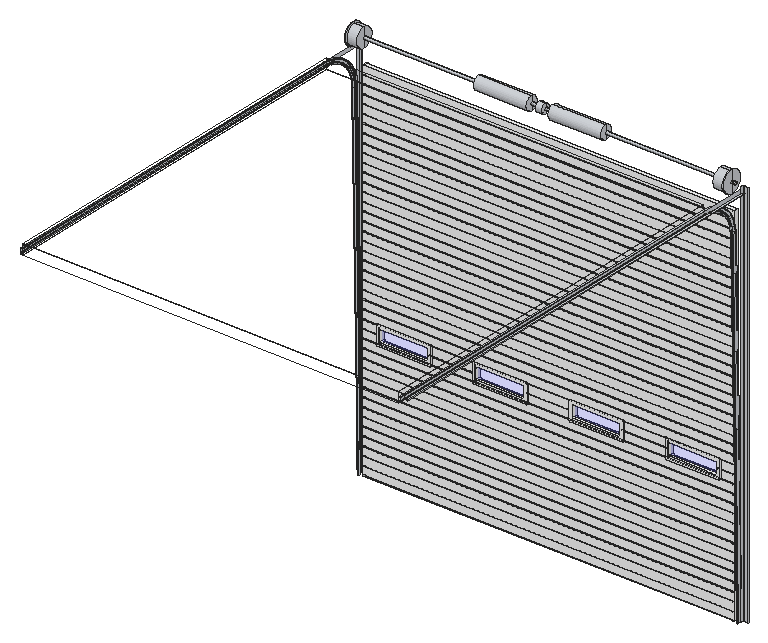
Revit family
Parameters (values of type "By Type")
  Windload = "Doors available rated for various design pressures; consult Clopay for avaialbility and specifications"
  VisSection6 = NumSections = 6  # no
  VisSection5 = NumSections > 4  # yes
  VisSection4 = NumSections > 3  # yes
  VisSection3 = NumSections > 2  # yes
  VisArray = NumSections > 6  # yes
  URL = "www.clopaydoor.com"
  Track Type = Track - Standard Lift : 15" Radius
  Track = "Galvanized steel (gauge varies according to door size)"
  Thickness = 0' - 2"  # constant formula
  Spec Wizard = "http://www.arcat.com/specwizard/08360clo/index.htm"
  Section Height = Height / NumSections  # 2' - 0"
  Section 5 Glazing = Section : Solid
  Section 4 Glazing = Section : Solid
  Section 3 Glazing = Section : Windows - 24x8
  Sales Information = "http://www.clopaydoor.com/where-to-buy.aspx?type=dealer"
  Rough Width = 0' - 0"  # constant formula
  Rough Height = 0' - 0"  # constant formula
  Roof Pitch = 0
  R-Value = "22.2"
  Product Features and Benefits = "http://www.clopaydoor.com/insulated-polyurethane-applications.aspx"
  Overlapping Jamb = yes
  Overlap = if(Overlapping Jamb, 0' 1", 0' 0")  # 0' - 1"
  Opening Width = 14' - 0"
  Opening Height = 14' - 0"
  Opener - Jackshaft Right Side = no
  Opener - Trolley = no
  Opener - Jackshaft Left Side = no
  Omniclass Table = "23-30 10 17 37 "
  NumSectionsNotRounded = Height / 2' 0"  # 7
  NumSections = NumSectionsNotRounded + 0.4999  # 7
  NumArraySections = if(NumSections > 6, NumSections - 5, 2)  # 2
  Model = "3720"
  Maximum Size = "Maximum 14' 2'' wide by 26' 0'' high. Additional limitations may apply do to door weight. Consult Clopay for specificiations and shop drawings."  # constant formula
  Manufacturer Website = "http://www.clopaydoor.com"
  Manufacturer Phone Number = "1-800-526-4301"
  Manufacturer Address = "1400 W. Market St., Troy, OH 45373"
  Manufacturer = "Clopay Building Products Company"
  LEED = "http://products.construction.com/swts_content_files/151607/303186.pdf"
  Keynote = "08 36 13"
  Interior Steel = "28 ga. galvanized, primed, and finish painted"
  High Lift = 4' - 0"
  Hardware = "14 ga. min. steel hinges; 10-ball steel rollers"
  GreenFormat = "http://www.greenformat.com/products/1536-Polyurethane%20Insulated%20Doors.rtf"
  Function = (empty or 0)
  Height = Opening Height + Rough Width * 0  # 14' - 0"
  Wall Closure = (empty or 0)
  Width = Opening Width + Rough Width * 0  # 14' - 0"
  FloorToSection7 = 6 * Section Height  # 12' - 0"
  FloorToSection6 = 5 * Section Height  # 10' - 0"
  FloorToSection5 = 4 * Section Height  # 8' - 0"
  FloorToSection4 = 3 * Section Height  # 6' - 0"
  FloorToSection3 = 2 * Section Height  # 4' - 0"
  FloorToSection2 = Section Height  # 2' - 0"
  File Revision = "01 (August, 2010)"
  Exterior Steel = "27 ga. galvanized, primed, and finish painted"
  Double Torsion Shaft = no
  Double End Stiles = Door Width > 14' 2"  # no
  Door Width = Opening Width + Overlap * 2  # 14' - 2"
  Door Height = Opening Height + Rough Width * 0  # 14' - 0"
  Description = "2'' thick polyurethane insulated, stucco embossed 27 gauge steel exterior with light ribbed pattern."
  Core Material = "Expanded polyurethane"
  Copyright = "2010, Clopay Building Products Company, Inc."
  Color = White
  CAD and Specifications = "http://www.clopaydoor.com/insulated-polyurethane-specs.aspx"
  Assembly Code = "B2030410"
Reference planes (in)
  plane 1 "Center (Front/Back)": y = 0
  plane 2 "Center (Left/Right)": x = 0
  plane 3 "Left": x = -84
  plane 4 "Right": x = 84
  plane 5 "Top": z = 168
  plane 6 "Exterior": y = 3
  plane 7 "Interior": y = -3
  plane 8: z = 120
  plane 9: z = 144
Lines and regions (in)
  Opening 1
    outline origin (-90, -3, 0) x (1, 0, 0) y (0, 0, 1)
      loop
        line (6, 0) -> (174, 0) -> (174, 168) -> (6, 168) -> (6, 0)
Text (in)
  text "Exterior" at (-74.96733, 27.31104, 0), in view "Ref. Level"
  text "Interior" at (-74.96733, -25.14366, 0), in view "Ref. Level"
  text "Exterior" at (0, 40.15149, 123.01588), in view "Right"
  text "Interior" at (0, -64.39139, 123.01588), in view "Right"
  text "Interior" at (0, -31.01599, 123.00693), in view "Left"
  text "Exterior" at (0, 54.57065, 123.00693), in view "Left"
Dimensions and locks (in)
  equal spacing: plane 3 "Left", plane 2 "Center (Left/Right)", plane 4 "Right"
  "Height": level to plane 5 "Top"
  "Width": plane 3 "Left" to plane 4 "Right"
  host wall to plane 5 "Top" = 14' - 0"
  nested 1 to plane 7 "Interior" = 0' - 0 1/2"
  "FloorToSection6": plane 8 to level
  "FloorToSection7": plane 9 to level
  group 1 to group 2 = 0' - 0"  (x2)
  group 1 to group 2 = 2' - 0"
  host wall to host wall = 67' - 6"
  aligned and locked: plane 3 "Left" to Opening 1 sketch curve
  aligned and locked: plane 5 "Top" to Opening 1 sketch curve
  aligned and locked: Opening 1 sketch curve to plane 5 "Top"
  aligned and locked: Opening 1 sketch curve to plane 4 "Right"
  aligned and locked: Opening 1 sketch curve to level
  aligned and locked: plane 6 "Exterior" to host wall
  aligned and locked: host wall to plane 7 "Interior"
  aligned and locked: plane 2 "Center (Left/Right)" to nested 2
  aligned and locked: plane 2 "Center (Left/Right)" to nested 3
  aligned and locked: plane 2 "Center (Left/Right)" to nested 4
  aligned and locked: plane 2 "Center (Left/Right)" to nested 5
  aligned and locked: plane 2 "Center (Left/Right)" to nested 7
  aligned and locked: nested 7 to plane 8
  aligned and locked: nested 8 to plane 9
  aligned and locked: plane 7 "Interior" to nested 2
  aligned and locked: plane 7 "Interior" to nested 7
  aligned and locked: host wall to nested 8
  aligned and locked: plane 7 "Interior" to nested 3
  aligned and locked: host wall to nested 3
  aligned and locked: plane 7 "Interior" to nested 1
  aligned and locked: nested 2 to host wall
  aligned and locked: plane 7 "Interior" to nested 6
  aligned and locked: plane 7 "Interior" to nested 5
  aligned and locked: host wall to nested 7
  aligned and locked: plane 7 "Interior" to nested 4
  aligned and locked: nested 11 to plane 2 "Center (Left/Right)"
Nested families (in)
  nested 1: "Section" at (0, 0, 0), type "Solid"
    with X9 0' - 7 1/2", X8 0' - 7 1/2", X7 0' - 7 1/2", X6 0' - 7 1/2", X5 0' - 7 1/2", X4 11' - 7 1/2", X3 7' - 11 1/2", X2 4' - 3 1/2", NumWindows 4, NumArrayedWindows 4, Half Door Width Neg -7' - 1", Half Door Width 7' - 1", X1 0' - 7 1/2", Door Width 14' - 2"
  nested 2: "Section" at (0, 0, 24), built-in parameter 1001364 <- "Section Height", type "Solid"
    with X9 0' - 7 1/2", X8 0' - 7 1/2", X7 0' - 7 1/2", X6 0' - 7 1/2", X5 0' - 7 1/2", X4 11' - 7 1/2", X3 7' - 11 1/2", X2 4' - 3 1/2", NumWindows 4, NumArrayedWindows 4, Half Door Width Neg -7' - 1", Half Door Width 7' - 1", X1 0' - 7 1/2", Door Width 14' - 2"
  nested 3: "Section" at (0, 0, 48), type <- "Section 3 Glazing", built-in parameter 1001364 <- "FloorToSection3", visible <- "VisSection3", type "Windows - 24x8"
    with X9 0' - 7 1/2", X8 0' - 7 1/2", X7 0' - 7 1/2", X6 0' - 7 1/2", X5 0' - 7 1/2", X4 11' - 7 1/2", X3 7' - 11 1/2", X2 4' - 3 1/2", NumWindows 4, NumArrayedWindows 4, Half Door Width Neg -7' - 1", Half Door Width 7' - 1", X1 0' - 7 1/2", Door Width 14' - 2"
  nested 4: "Section" at (0, 0, 120), built-in parameter 1001364 <- "FloorToSection6", visible <- "VisSection6", type "Solid"
    with X9 0' - 7 1/2", X8 0' - 7 1/2", X7 0' - 7 1/2", X6 0' - 7 1/2", X5 0' - 7 1/2", X4 11' - 7 1/2", X3 7' - 11 1/2", X2 4' - 3 1/2", NumWindows 4, NumArrayedWindows 4, Half Door Width Neg -7' - 1", Half Door Width 7' - 1", X1 0' - 7 1/2", Door Width 14' - 2"
  nested 5: "Section" at (0, 0, 96), built-in parameter 1001364 <- "FloorToSection5", type <- "Section 5 Glazing", visible <- "VisSection5", type "Solid"
    with X9 0' - 7 1/2", X8 0' - 7 1/2", X7 0' - 7 1/2", X6 0' - 7 1/2", X5 0' - 7 1/2", X4 11' - 7 1/2", X3 7' - 11 1/2", X2 4' - 3 1/2", NumWindows 4, NumArrayedWindows 4, Half Door Width Neg -7' - 1", Half Door Width 7' - 1", X1 0' - 7 1/2", Door Width 14' - 2"
  nested 6: "Section" at (0, 0, 72), type <- "Section 4 Glazing", built-in parameter 1001364 <- "FloorToSection4", visible <- "VisSection4", type "Solid"
    with X9 0' - 7 1/2", X8 0' - 7 1/2", X7 0' - 7 1/2", X6 0' - 7 1/2", X5 0' - 7 1/2", X4 11' - 7 1/2", X3 7' - 11 1/2", X2 4' - 3 1/2", NumWindows 4, NumArrayedWindows 4, Half Door Width Neg -7' - 1", Half Door Width 7' - 1", X1 0' - 7 1/2", Door Width 14' - 2"
  nested 7: "Section" at (0, 0, 120), visible <- "VisArray", type "Solid"
    with X9 0' - 7 1/2", X8 0' - 7 1/2", X7 0' - 7 1/2", X6 0' - 7 1/2", X5 0' - 7 1/2", X4 11' - 7 1/2", X3 7' - 11 1/2", X2 4' - 3 1/2", NumWindows 4, NumArrayedWindows 4, Half Door Width Neg -7' - 1", Half Door Width 7' - 1", X1 0' - 7 1/2", Door Width 14' - 2"
  nested 8: "Section" at (0, 0, 144), visible <- "VisArray", type "Solid"
    with X9 0' - 7 1/2", X8 0' - 7 1/2", X7 0' - 7 1/2", X6 0' - 7 1/2", X5 0' - 7 1/2", X4 11' - 7 1/2", X3 7' - 11 1/2", X2 4' - 3 1/2", NumWindows 4, NumArrayedWindows 4, Half Door Width Neg -7' - 1", Half Door Width 7' - 1", X1 0' - 7 1/2", Door Width 14' - 2"
  nested 9: "Section" at (0, 4.67704, 636.93806), type "Windows - 24x8", not visible
    with X9 0' - 7 1/2", X8 0' - 7 1/2", X7 0' - 7 1/2", X6 0' - 7 1/2", X5 0' - 7 1/2", X4 11' - 7 1/2", X3 7' - 11 1/2", X2 4' - 3 1/2", NumWindows 4, NumArrayedWindows 4, Half Door Width Neg -7' - 1", Half Door Width 7' - 1", X1 0' - 7 1/2", Door Width 14' - 2"
  nested 10: "Section" at (0, 4.63986, 609.3176), type "Windows - 24x12", not visible
  nested 11: "Track - Standard Lift" at (0, 0, 0) x (-1, 0, 0) z (0, 0, 1), type <- "Track Type", type "15" Radius"
    with WallToRadiusCenter 1' - 9.33333", VerticalAngleLength 14' - 10", Vertical Track Length 13' - 4", TrackToTrack 14' - 4", Roof Pitch Deg 0.00°, Roof Pitch 0, HorizontalAngleLength -16' - 2.33333", Horizontal Track Length 14' - 6", FloorToTrolleyRail 15' - 8", FloorToShaftCL 15' - 2", FloorToJackShaft 15' - 5", Double Torsion Shaft no, Door Width 14' - 2", Door Height 14' - 0", CenterToLHTrack 7' - 2", HorizontalTrackAngle 90.00°, CenterToRHTrack -7' - 2", CenterToJackShaft 7' - 6"
Definition of nested family "Section"
  Parameters (values of type "Windows - 24x12")
    X9 = if(if(NumArrayedWindows < NumWindows, NumArrayedWindows + 1, NumWindows) < 9, X1, X8 + WindowSpacing)  # 0' - 7 1/2"
    X8 = if(if(NumArrayedWindows < NumWindows, NumArrayedWindows + 1, NumWindows) < 8, X1, X7 + WindowSpacing)  # 0' - 7 1/2"
    X7 = if(if(NumArrayedWindows < NumWindows, NumArrayedWindows + 1, NumWindows) < 7, X1, X6 + WindowSpacing)  # 0' - 7 1/2"
    X6 = if(if(NumArrayedWindows < NumWindows, NumArrayedWindows + 1, NumWindows) < 6, X1, X5 + WindowSpacing)  # 0' - 7 1/2"
    X5 = if(if(NumArrayedWindows < NumWindows, NumArrayedWindows + 1, NumWindows) < 5, X1, X4 + WindowSpacing)  # 0' - 7 1/2"
    X4 = if(if(NumArrayedWindows < NumWindows, NumArrayedWindows + 1, NumWindows) < 4, X1, X3 + WindowSpacing)  # 11' - 7 1/2"
    X3 = if(or(NumWindows < 3, SingleWindowVis), X1, X2 + WindowSpacing)  # 7' - 11 1/2"
    X2 = if(NumWindows < 2, ((Door Width - (NumWindows - 1) * WindowSpacing) / 2 - Cutout Width / 2), ((Door Width - (NumWindows - 1) * WindowSpacing) / 2 - Cutout Width / 2) + WindowSpacing)  # 4' - 3 1/2"
    Windows (2) = 3200 Window : 24x12
    Windows = 3200 Window Array : 24x12
    WindowSpacing = if(and(Door Width < 10' 0", Door Width > 9' 2"), 3' 4", 3' 8")  # 3' - 8"
    WindowArrayVis = and(or(and(Window Type Index = 4, Door Width > 7' 6", Door Width < 16' 3"), Window Type Index = 3, Window Type Index = 2), not(SingleWindowVis))  # yes
    WindowCutDepth = if(or(Window Type Index = 1, and(Door Width < 7' 8", Window Type Index = 4), and(Window Type Index = 4, Door Width > 16' 2")), -0' 0 13/128", 0' 2")  # 0' - 2"
    Window Type Index = 3
    SingleWindowVis = and(X2 = X1, NumWindows = 3, Window Type Index = 4)  # no
    Section Height = 2' - 0"
    RibSpacing = Section Height / (NumRibs + 1)  # 0' - 4"
    NumWindows = if(Door Width < 9' 4", 2, if(Door Width < 13' 4", 3, if(Door Width < 16' 4", 4, if(Door Width < 20' 4", 5, if(Door Width < 24' 4", 6, if(Door Width < 26' 4", 7, if(Door Width < 31' 8", 8, 10)))))))  # 4
    NumRibs = if(Section Height < 1' 9", 3, if(Section Height < 2' 0", 4, 5))  # 5
    NumArrayedWindows = if(X2 = X1, if(NumWindows < 4, 2, NumWindows - 2), NumWindows)  # 4
    Half Section Height = Section Height / 2  # 1' - 0"
    Half Door Width Neg = -Half Door Width  # -7' - 1"
    Half Door Width = Door Width / 2  # 7' - 1"
    Half Cutout Height = Cutout Height / 2  # 0' - 5 1/2"
    Function = (empty or 0)
    Height = 0' - 0"
    Wall Closure = (empty or 0)
    Width = 0' - 0"
    X1 = if(if(Window Type Index = 4, if(or(and(Door Width < 11' 0", Door Width > 9' 2"), and(Door Width < 15' 3", Door Width > 13' 2")), X2, (Door Width - (NumWindows - 1) * WindowSpacing) / 2 - Cutout Width / 2), if(or(and(Door Width > 16' 2", Door Width < 16' 7")), X2, (Door Width - (NumWindows - 1) * WindowSpacing) / 2 - Cutout Width / 2)) < 0' 1", 0' 1", if(Window Type Index = 4, if(or(and(Door Width < 11' 0", Door Width > 9' 2"), and(Door Width < 15' 3", Door Width > 13' 2")), X2, (Door Width - (NumWindows - 1) * WindowSpacing) / 2 - Cutout Width / 2), if(or(and(Door Width > 16' 2", Door Width < 16' 7")), X2, (Door Width - (NumWindows - 1) * WindowSpacing) / 2 - Cutout Width / 2)))  # 0' - 7 1/2"
    Door Width = 14' - 2"
    CutoutToCutout = 1' - 0"
    Cutout Width = if(Window Type Index = 4, 3' 2", 1' 11")  # 1' - 11"
    Cutout Height = if(Window Type Index = 4, 1' 0", if(Window Type Index = 3, 0' 11", 0' 7"))  # 0' - 11"
    Color = White
    BtmTo1stRib = RibSpacing  # 0' - 4"
    Assembly Code = ""
  Types (4): name | X9 | X8 | X7 | X6 | X5 | X4 | X3 | X2 | Windows (2) | Windows | WindowArrayVis | WindowCutDepth | Window Type Index | NumWindows | NumArrayedWindows | Half Door Width Neg | Half Door Width | Half Cutout Height | X1 | Door Width | Cutout Width | Cutout Height
    Windows - 24x12 | 0' - 7 1/2" | 0' - 7 1/2" | 0' - 7 1/2" | 0' - 7 1/2" | 0' - 7 1/2" | 11' - 7 1/2" | 7' - 11 1/2" | 4' - 3 1/2" | 3200 Window : 24x12 | 3200 Window Array : 24x12 | yes | 0' - 2" | 3 | 4 | 4 | -7' - 1" | 7' - 1" | 0' - 5 1/2" | 0' - 7 1/2" | 14' - 2" | 1' - 11" | 0' - 11"
    Windows - 24x8 | 3' - 6 1/2" | 3' - 6 1/2" | 3' - 6 1/2" | 3' - 6 1/2" | 3' - 6 1/2" | 10' - 10 1/2" | 7' - 2 1/2" | 3' - 6 1/2" | 3200 Window : 24x8 | 3200 Window Array : 24x8 | yes | 0' - 2" | 2 | 5 | 3 | -8' - 2" | 8' - 2" | 0' - 3 1/2" | 3' - 6 1/2" | 16' - 4" | 1' - 11" | 0' - 7"
    Solid | 1' - 5 1/2" | 1' - 5 1/2" | 1' - 5 1/2" | 1' - 5 1/2" | 1' - 5 1/2" | 1' - 5 1/2" | 8' - 9 1/2" | 5' - 1 1/2" | 3200 Window : 24x8 | 3200 Window : 24x8 | no | -0' - 0 13/128" | 1 | 3 | 3 | -6' - 1" | 6' - 1" | 0' - 3 1/2" | 1' - 5 1/2" | 12' - 2" | 1' - 11" | 0' - 7"
    Windows - 40x14 | 0' - 10" | 0' - 10" | 0' - 10" | 0' - 10" | 0' - 10" | 0' - 10" | 8' - 2" | 4' - 6" | 3200 Window : 40x14 | 3200 Window Array : 40x14 | yes | 0' - 2" | 4 | 3 | 3 | -6' - 1" | 6' - 1" | 0' - 6" | 0' - 10" | 12' - 2" | 3' - 2" | 1' - 0"
  Reference planes (in)
    plane 1 "Center (Front/Back)": y = 0
    plane 2 "Center (Left/Right)": x = 0
    plane 3 "Exterior": y = 3
    plane 4 "Interior": y = -3
    plane 5: y = -3.5
    plane 6: x = 85
    plane 7: x = -85
    plane 8: z = 4
    plane 9: z = 8
    plane 10: z = 24
    plane 11: z = 12
    plane 12: z = 0
  Forms (in)
    Extrusion 1, solid, material "White" <- "Color"
      sketch origin (-85, -12, 83.08252) x (0, 0, 1) y (0, -1, 0)
        loop
          line (-59.08252, -8.37573) -> (-59.08252, -6.62444)
          arc (-59.08252, -6.62444) -> (-59.11897, -6.53645) -> (-59.20696, -6.5) r 0.12444
          line (-59.20696, -6.5) -> (-82.95809, -6.5)
          arc (-82.95809, -6.5) -> (-83.04608, -6.53645) -> (-83.08252, -6.62444) r 0.12444
          line (-83.08252, -6.62444) -> (-83.08252, -8.37573)
          arc (-83.08252, -8.37573) -> (-83.04612, -8.4636) -> (-82.95825, -8.5) r 0.12427
          line (-82.95825, -8.5) -> (-59.20679, -8.5)
          arc (-59.20679, -8.5) -> (-59.11892, -8.4636) -> (-59.08252, -8.37573) r 0.12427
      from 0 to 170 <- "Door Width"
    Extrusion 2, void
      sketch origin (-98.15385, -3.5, 48) x (1, 0, 0) y (0, 0, 1)
        loop
          line (175.65385, -30.5) -> (152.65385, -30.5) -> (152.65385, -36) -> (175.65385, -36) -> (175.65385, -30.5)
      from 0 to 2 <- "WindowCutDepth"
    Extrusion 3, void
      sketch origin (-98.15385, -3.5, -24) x (1, 0, 0) y (0, 0, 1)
        loop
          line (175.65385, 30.5) -> (175.65385, 36) -> (152.65385, 36) -> (152.65385, 30.5) -> (175.65385, 30.5)
      from 0 to 2 <- "WindowCutDepth"
    Extrusion 4, void
      sketch origin (-136.15385, -3.5, 48) x (1, 0, 0) y (0, 0, 1)
        loop
          line (169.65385, -30.5) -> (146.65385, -30.5) -> (146.65385, -36) -> (169.65385, -36) -> (169.65385, -30.5)
      from 0 to 2 <- "WindowCutDepth"
    Extrusion 5, void
      sketch origin (-136.15385, -3.5, -24) x (1, 0, 0) y (0, 0, 1)
        loop
          line (169.65385, 30.5) -> (169.65385, 36) -> (146.65385, 36) -> (146.65385, 30.5) -> (169.65385, 30.5)
      from 0 to 2 <- "WindowCutDepth"
    Extrusion 6, void
      sketch origin (-171.15385, -3.5, 48) x (1, 0, 0) y (0, 0, 1)
        loop
          line (160.65385, -30.5) -> (137.65385, -30.5) -> (137.65385, -36) -> (160.65385, -36) -> (160.65385, -30.5)
      from 0 to 2 <- "WindowCutDepth"
    Extrusion 7, void
      sketch origin (-171.15385, -3.5, -24) x (1, 0, 0) y (0, 0, 1)
        loop
          line (160.65385, 30.5) -> (160.65385, 36) -> (137.65385, 36) -> (137.65385, 30.5) -> (160.65385, 30.5)
      from 0 to 2 <- "WindowCutDepth"
    Extrusion 8, void
      sketch origin (-214.15385, -3.5, 48) x (1, 0, 0) y (0, 0, 1)
        loop
          line (159.65385, -30.5) -> (136.65385, -30.5) -> (136.65385, -36) -> (159.65385, -36) -> (159.65385, -30.5)
      from 0 to 2 <- "WindowCutDepth"
    Extrusion 9, void
      sketch origin (-214.15385, -3.5, -24) x (1, 0, 0) y (0, 0, 1)
        loop
          line (159.65385, 30.5) -> (159.65385, 36) -> (136.65385, 36) -> (136.65385, 30.5) -> (159.65385, 30.5)
      from 0 to 2 <- "WindowCutDepth"
    Extrusion 10, void
      sketch origin (-256.15385, -3.5, 48) x (1, 0, 0) y (0, 0, 1)
        loop
          line (333.65385, -30.5) -> (310.65385, -30.5) -> (310.65385, -36) -> (333.65385, -36) -> (333.65385, -30.5)
      from 0 to 2 <- "WindowCutDepth"
    Extrusion 11, void
      sketch origin (-256.15385, -3.5, -24) x (1, 0, 0) y (0, 0, 1)
        loop
          line (333.65385, 30.5) -> (333.65385, 36) -> (310.65385, 36) -> (310.65385, 30.5) -> (333.65385, 30.5)
      from 0 to 2 <- "WindowCutDepth"
    Extrusion 12, void
      sketch origin (-294.15385, -3.5, 48) x (1, 0, 0) y (0, 0, 1)
        loop
          line (371.65385, -30.5) -> (348.65385, -30.5) -> (348.65385, -36) -> (371.65385, -36) -> (371.65385, -30.5)
      from 0 to 2 <- "WindowCutDepth"
    Extrusion 13, void
      sketch origin (-294.15385, -3.5, -24) x (1, 0, 0) y (0, 0, 1)
        loop
          line (371.65385, 30.5) -> (371.65385, 36) -> (348.65385, 36) -> (348.65385, 30.5) -> (371.65385, 30.5)
      from 0 to 2 <- "WindowCutDepth"
    Extrusion 14, void
      sketch origin (-331.15385, -3.5, 48) x (1, 0, 0) y (0, 0, 1)
        loop
          line (408.65385, -30.5) -> (385.65385, -30.5) -> (385.65385, -36) -> (408.65385, -36) -> (408.65385, -30.5)
      from 0 to 2 <- "WindowCutDepth"
    Extrusion 15, void
      sketch origin (-331.15385, -3.5, -24) x (1, 0, 0) y (0, 0, 1)
        loop
          line (408.65385, 30.5) -> (408.65385, 36) -> (385.65385, 36) -> (385.65385, 30.5) -> (408.65385, 30.5)
      from 0 to 2 <- "WindowCutDepth"
    Extrusion 16, void
      sketch origin (-368.15385, -3.5, 48) x (1, 0, 0) y (0, 0, 1)
        loop
          line (445.65385, -30.5) -> (422.65385, -30.5) -> (422.65385, -36) -> (445.65385, -36) -> (445.65385, -30.5)
      from 0 to 2 <- "WindowCutDepth"
    Extrusion 17, void
      sketch origin (-368.15385, -3.5, -24) x (1, 0, 0) y (0, 0, 1)
        loop
          line (445.65385, 30.5) -> (445.65385, 36) -> (422.65385, 36) -> (422.65385, 30.5) -> (445.65385, 30.5)
      from 0 to 2 <- "WindowCutDepth"
    Extrusion 18, void
      sketch origin (-407.15385, -3.5, 48) x (1, 0, 0) y (0, 0, 1)
        loop
          line (484.65385, -30.5) -> (461.65385, -30.5) -> (461.65385, -36) -> (484.65385, -36) -> (484.65385, -30.5)
      from 0 to 2 <- "WindowCutDepth"
    Extrusion 19, void
      sketch origin (-407.15385, -3.5, -24) x (1, 0, 0) y (0, 0, 1)
        loop
          line (484.65385, 30.5) -> (484.65385, 36) -> (461.65385, 36) -> (461.65385, 30.5) -> (484.65385, 30.5)
      from 0 to 2 <- "WindowCutDepth"
    Extrusion 20, void
      sketch origin (0, -17.99967, -0.5) x (0, 1, 0) y (0, 0, -1)
        loop
          line (14.49967, -4.62727) -> (14.49967, -4.37273) -> (14.46935, -4.41942)
          arc (14.46935, -4.41942) -> (14.46214, -4.43506) -> (14.45967, -4.4521) r 0.06
          line (14.45967, -4.4521) -> (14.45967, -4.5479)
          arc (14.45967, -4.5479) -> (14.46214, -4.56494) -> (14.46935, -4.58058) r 0.06
          line (14.46935, -4.58058) -> (14.49967, -4.62727)
      from -85 <- "Half Door Width Neg" to 170 <- "Door Width"
    Extrusion 21, void
      sketch origin (0, -17.99967, 3.5) x (0, 1, 0) y (0, 0, -1)
        loop
          line (14.49967, -4.62727) -> (14.49967, -4.37273) -> (14.46935, -4.41942)
          arc (14.46935, -4.41942) -> (14.46214, -4.43506) -> (14.45967, -4.4521) r 0.06
          line (14.45967, -4.4521) -> (14.45967, -4.5479)
          arc (14.45967, -4.5479) -> (14.46214, -4.56494) -> (14.46935, -4.58058) r 0.06
          line (14.46935, -4.58058) -> (14.49967, -4.62727)
      from -85 <- "Half Door Width Neg" to 170 <- "Door Width"
    Extrusion 22, void
      sketch origin (0, -17.99967, 7.5) x (0, 1, 0) y (0, 0, -1)
        loop
          line (14.49967, -4.62727) -> (14.49967, -4.37273) -> (14.46935, -4.41942)
          arc (14.46935, -4.41942) -> (14.46214, -4.43506) -> (14.45967, -4.4521) r 0.06
          line (14.45967, -4.4521) -> (14.45967, -4.5479)
          arc (14.45967, -4.5479) -> (14.46214, -4.56494) -> (14.46935, -4.58058) r 0.06
          line (14.46935, -4.58058) -> (14.49967, -4.62727)
      from -85 <- "Half Door Width Neg" to 170 <- "Door Width"
    Extrusion 23, void
      sketch origin (0, -8.99984, -0.5) x (0, 1, 0) y (0, 0, -1)
        loop
          line (3.5, -4.62727) -> (3.53032, -4.58058)
          arc (3.53032, -4.58058) -> (3.53753, -4.56494) -> (3.54, -4.5479) r 0.06
          line (3.54, -4.5479) -> (3.54, -4.4521)
          arc (3.54, -4.4521) -> (3.53753, -4.43506) -> (3.53032, -4.41942) r 0.06
          line (3.53032, -4.41942) -> (3.5, -4.37273) -> (3.5, -4.62727)
      from -85 <- "Half Door Width Neg" to 170 <- "Door Width"
    Extrusion 24, void
      sketch origin (0, -8.99984, 3.5) x (0, 1, 0) y (0, 0, -1)
        loop
          line (3.5, -4.62727) -> (3.53032, -4.58058)
          arc (3.53032, -4.58058) -> (3.53753, -4.56494) -> (3.54, -4.5479) r 0.06
          line (3.54, -4.5479) -> (3.54, -4.4521)
          arc (3.54, -4.4521) -> (3.53753, -4.43506) -> (3.53032, -4.41942) r 0.06
          line (3.53032, -4.41942) -> (3.5, -4.37273) -> (3.5, -4.62727)
      from -85 <- "Half Door Width Neg" to 170 <- "Door Width"
    Extrusion 25, void
      sketch origin (0, -8.99984, 7.5) x (0, 1, 0) y (0, 0, -1)
        loop
          line (3.5, -4.62727) -> (3.53032, -4.58058)
          arc (3.53032, -4.58058) -> (3.53753, -4.56494) -> (3.54, -4.5479) r 0.06
          line (3.54, -4.5479) -> (3.54, -4.4521)
          arc (3.54, -4.4521) -> (3.53753, -4.43506) -> (3.53032, -4.41942) r 0.06
          line (3.53032, -4.41942) -> (3.5, -4.37273) -> (3.5, -4.62727)
      from -85 <- "Half Door Width Neg" to 170 <- "Door Width"
    Extrusion 26, void
      sketch origin (0, -17.99967, 11.5) x (0, 1, 0) y (0, 0, -1)
        loop
          line (14.49967, -4.62727) -> (14.49967, -4.37273) -> (14.46935, -4.41942)
          arc (14.46935, -4.41942) -> (14.46214, -4.43506) -> (14.45967, -4.4521) r 0.06
          line (14.45967, -4.4521) -> (14.45967, -4.5479)
          arc (14.45967, -4.5479) -> (14.46214, -4.56494) -> (14.46935, -4.58058) r 0.06
          line (14.46935, -4.58058) -> (14.49967, -4.62727)
      from -85 <- "Half Door Width Neg" to 170 <- "Door Width"
    Extrusion 27, void
      sketch origin (0, -8.99984, 15.5) x (0, 1, 0) y (0, 0, -1)
        loop
          line (5.49984, -4.62727) -> (5.49984, -4.37273) -> (5.46952, -4.41942)
          arc (5.46952, -4.41942) -> (5.46231, -4.43506) -> (5.45984, -4.4521) r 0.06
          line (5.45984, -4.4521) -> (5.45984, -4.5479)
          arc (5.45984, -4.5479) -> (5.46231, -4.56494) -> (5.46952, -4.58058) r 0.06
          line (5.46952, -4.58058) -> (5.49984, -4.62727)
      from -85 <- "Half Door Width Neg" to 170 <- "Door Width"
    Extrusion 28, void
      sketch origin (0, -8.99984, 11.5) x (0, 1, 0) y (0, 0, -1)
        loop
          line (3.5, -4.62727) -> (3.53032, -4.58058)
          arc (3.53032, -4.58058) -> (3.53753, -4.56494) -> (3.54, -4.5479) r 0.06
          line (3.54, -4.5479) -> (3.54, -4.4521)
          arc (3.54, -4.4521) -> (3.53753, -4.43506) -> (3.53032, -4.41942) r 0.06
          line (3.53032, -4.41942) -> (3.5, -4.37273) -> (3.5, -4.62727)
      from -85 <- "Half Door Width Neg" to 170 <- "Door Width"
    Extrusion 29, void
      sketch origin (0, -8.99984, 15.5) x (0, 1, 0) y (0, 0, -1)
        loop
          line (3.5, -4.62727) -> (3.53032, -4.58058)
          arc (3.53032, -4.58058) -> (3.53753, -4.56494) -> (3.54, -4.5479) r 0.06
          line (3.54, -4.5479) -> (3.54, -4.4521)
          arc (3.54, -4.4521) -> (3.53753, -4.43506) -> (3.53032, -4.41942) r 0.06
          line (3.53032, -4.41942) -> (3.5, -4.37273) -> (3.5, -4.62727)
      from -85 <- "Half Door Width Neg" to 170 <- "Door Width"
  Cuts and joins
    Extrusion 2, Extrusion 3, Extrusion 4, Extrusion 5, Extrusion 6, Extrusion 7, Extrusion 8, Extrusion 9, Extrusion 10, Extrusion 11, Extrusion 12, Extrusion 13, Extrusion 14, Extrusion 15, Extrusion 16, Extrusion 17, Extrusion 18, Extrusion 19, Extrusion 20, Extrusion 21, Extrusion 22, Extrusion 23, Extrusion 24, Extrusion 25, Extrusion 26, Extrusion 27, Extrusion 28, Extrusion 29 cuts Extrusion 1
  Lines and regions (in)
    reference lines
      curve 1: line (-72, -3.54, 4) -> (-72, -3.5, 4)
      curve 2: line (-72, -3.54, 8) -> (-72, -3.5, 8)
      curve 3: line (-72, -3.54, 12) -> (-72, -3.5, 12)
      curve 4: line (-72, -5.45984, 4) -> (-72, -5.49984, 4)
      curve 5: line (-72, -5.45984, 8) -> (-72, -5.49984, 8)
      curve 6: line (-72, -5.45984, 12) -> (-72, -5.49984, 12)
      curve 7: line (-72, -3.54, 16) -> (-72, -3.5, 16)
      curve 8: line (-72, -3.54, 20) -> (-72, -3.5, 20)
      curve 9: line (-72, -5.45984, 16) -> (-72, -5.49984, 16)
      curve 10: line (-72, -5.45984, 20) -> (-72, -5.49984, 20)
  Text (in)
    text "Exterior" at (-74.96733, 27.31104, 0), in view "Ref. Level"
    text "Interior" at (-74.96733, -25.14366, 0), in view "Ref. Level"
    text "Exterior" at (0, 40.15149, 123.01588), in view "Right"
    text "Interior" at (0, -64.39139, 123.01588), in view "Right"
    text "Interior" at (0, -31.01599, 123.00693), in view "Left"
    text "Exterior" at (0, 54.57065, 123.00693), in view "Left"
  Dimensions and locks (in)
    plane 4 "Interior" to plane 5 = 0' - 0 1/2"
    "Half Door Width": plane 2 "Center (Left/Right)" to plane 7
    "Half Door Width": plane 6 to plane 2 "Center (Left/Right)"
    Extrusion 1 sketch curve to Extrusion 1 sketch curve = 0' - 2"
    "BtmTo1stRib": plane 8 to level
    "RibSpacing": plane 9 to plane 8
    "Section Height": plane 10 to level
    "Half Section Height": level to plane 11
    "Cutout Width": Extrusion 2 sketch curve to Extrusion 2 sketch curve
    "Half Cutout Height": Extrusion 2 sketch curve to Extrusion 2 sketch curve
    "Cutout Width": Extrusion 3 sketch curve to Extrusion 3 sketch curve
    "Half Cutout Height": Extrusion 3 sketch curve to Extrusion 3 sketch curve
    "X1": cut or joined group 1 (Extrusion 1, Extrusion 2, Extrusion 3, Extrusion 4, Extrusion 5, Extrusion 6, Extrusion 7, Extrusion 8, Extrusion 9, Extrusion 10, Extrusion 11, Extrusion 12, Extrusion 13, Extrusion 14, Extrusion 15, Extrusion 16, Extrusion 17, Extrusion 18, Extrusion 19, Extrusion 20, Extrusion 21, Extrusion 22, Extrusion 23, Extrusion 24, Extrusion 25, Extrusion 26, Extrusion 27, Extrusion 28, Extrusion 29) to cut or joined group 1
    "Cutout Width": Extrusion 4 sketch curve to Extrusion 4 sketch curve
    "Half Cutout Height": Extrusion 4 sketch curve to Extrusion 4 sketch curve
    "Cutout Width": Extrusion 5 sketch curve to Extrusion 5 sketch curve
    "Half Cutout Height": Extrusion 5 sketch curve to Extrusion 5 sketch curve
    "Cutout Width": Extrusion 6 sketch curve to Extrusion 6 sketch curve
    "Half Cutout Height": Extrusion 6 sketch curve to Extrusion 6 sketch curve
    "Cutout Width": Extrusion 7 sketch curve to Extrusion 7 sketch curve
    "Half Cutout Height": Extrusion 7 sketch curve to Extrusion 7 sketch curve
    "X2": plane 6 to cut or joined group 1
    "X3": plane 6 to cut or joined group 1
    "Cutout Width": Extrusion 8 sketch curve to Extrusion 8 sketch curve
    "Half Cutout Height": Extrusion 8 sketch curve to Extrusion 8 sketch curve
    "Cutout Width": Extrusion 9 sketch curve to Extrusion 9 sketch curve
    "Half Cutout Height": Extrusion 9 sketch curve to Extrusion 9 sketch curve
    "Cutout Width": Extrusion 10 sketch curve to Extrusion 10 sketch curve
    "Half Cutout Height": Extrusion 10 sketch curve to Extrusion 10 sketch curve
    "Cutout Width": Extrusion 11 sketch curve to Extrusion 11 sketch curve
    "Half Cutout Height": Extrusion 11 sketch curve to Extrusion 11 sketch curve
    "Cutout Width": Extrusion 12 sketch curve to Extrusion 12 sketch curve
    "Half Cutout Height": Extrusion 12 sketch curve to Extrusion 12 sketch curve
    "Cutout Width": Extrusion 13 sketch curve to Extrusion 13 sketch curve
    "Half Cutout Height": Extrusion 13 sketch curve to Extrusion 13 sketch curve
    "Cutout Width": Extrusion 14 sketch curve to Extrusion 14 sketch curve
    "Half Cutout Height": Extrusion 14 sketch curve to Extrusion 14 sketch curve
    "Cutout Width": Extrusion 15 sketch curve to Extrusion 15 sketch curve
    "Half Cutout Height": Extrusion 15 sketch curve to Extrusion 15 sketch curve
    "Cutout Width": Extrusion 16 sketch curve to Extrusion 16 sketch curve
    "Half Cutout Height": Extrusion 16 sketch curve to Extrusion 16 sketch curve
    "Cutout Width": Extrusion 17 sketch curve to Extrusion 17 sketch curve
    "Half Cutout Height": Extrusion 17 sketch curve to Extrusion 17 sketch curve
    "Cutout Width": Extrusion 18 sketch curve to Extrusion 18 sketch curve
    "Half Cutout Height": Extrusion 18 sketch curve to Extrusion 18 sketch curve
    "Cutout Width": Extrusion 19 sketch curve to Extrusion 19 sketch curve
    "Half Cutout Height": Extrusion 19 sketch curve to Extrusion 19 sketch curve
    "X4": plane 6 to cut or joined group 1
    "X5": plane 6 to cut or joined group 1
    "X6": plane 6 to cut or joined group 1
    "X7": plane 6 to cut or joined group 1
    "X8": plane 6 to cut or joined group 1
    "X9": plane 6 to cut or joined group 1
    locked: nested 1 to cut or joined group 1 at 1  (x2)
    locked: nested 1 to cut or joined group 1 at 0.125
    locked: nested 2 to cut or joined group 1 at 1  (x2)
    locked: nested 2 to plane 5 at 0.125
    Extrusion 20 sketch curve to Extrusion 20 sketch curve = 0' - 0.25454"
    Extrusion 20 sketch curve to Extrusion 20 sketch curve = 0' - 0.04"  (x2)
    Extrusion 20 sketch curve to curve 1 = 0' - 0.12727"
    Extrusion 21 sketch curve to Extrusion 21 sketch curve = 0' - 0.25454"
    Extrusion 21 sketch curve to Extrusion 21 sketch curve = 0' - 0.04"  (x2)
    Extrusion 21 sketch curve to curve 2 = 0' - 0.12727"
    equal spacing: group 1, group 2, group 3, group 7, group 8  (x3)
    Extrusion 22 sketch curve to Extrusion 22 sketch curve = 0' - 0.25454"
    Extrusion 22 sketch curve to Extrusion 22 sketch curve = 0' - 0.04"  (x2)
    Extrusion 22 sketch curve to curve 3 = 0' - 0.12727"
    locked: plane 5 to plane 4 "Interior" at 0.5
    Extrusion 23 sketch curve to Extrusion 23 sketch curve = 0' - 0.25454"
    Extrusion 23 sketch curve to Extrusion 23 sketch curve = 0' - 0.04"  (x2)
    Extrusion 23 sketch curve to curve 4 = 0' - 0.12727"
    Extrusion 24 sketch curve to Extrusion 24 sketch curve = 0' - 0.25454"
    Extrusion 24 sketch curve to Extrusion 24 sketch curve = 0' - 0.04"  (x2)
    Extrusion 24 sketch curve to curve 5 = 0' - 0.12727"
    equal spacing: group 4, group 5, group 6, group 9, group 10  (x3)
    Extrusion 25 sketch curve to Extrusion 25 sketch curve = 0' - 0.25454"
    Extrusion 25 sketch curve to Extrusion 25 sketch curve = 0' - 0.04"  (x2)
    Extrusion 25 sketch curve to curve 6 = 0' - 0.12727"
    Extrusion 26 sketch curve to Extrusion 26 sketch curve = 0' - 0.25454"
    Extrusion 26 sketch curve to Extrusion 26 sketch curve = 0' - 0.04"  (x2)
    Extrusion 26 sketch curve to curve 7 = 0' - 0.12727"
    Extrusion 27 sketch curve to Extrusion 27 sketch curve = 0' - 0.25454"
    Extrusion 27 sketch curve to Extrusion 27 sketch curve = 0' - 0.04"  (x2)
    Extrusion 27 sketch curve to curve 8 = 0' - 0.12727"
    Extrusion 28 sketch curve to Extrusion 28 sketch curve = 0' - 0.25454"
    Extrusion 28 sketch curve to Extrusion 28 sketch curve = 0' - 0.04"  (x2)
    Extrusion 28 sketch curve to curve 9 = 0' - 0.12727"
    Extrusion 29 sketch curve to Extrusion 29 sketch curve = 0' - 0.25454"
    Extrusion 29 sketch curve to Extrusion 29 sketch curve = 0' - 0.04"  (x2)
    Extrusion 29 sketch curve to curve 10 = 0' - 0.12727"
    radius of Extrusion 1 sketch curve = 0' - 0.12427"  (x2)
    radius of Extrusion 1 sketch curve = 0' - 0.12444"  (x2)
    angle Extrusion 20 sketch curve to Extrusion 20 sketch curve = 147.00°  (x2)
    angle Extrusion 21 sketch curve to Extrusion 21 sketch curve = 147.00°  (x2)
    angle Extrusion 22 sketch curve to Extrusion 22 sketch curve = 147.00°  (x2)
    angle Extrusion 23 sketch curve to Extrusion 23 sketch curve = 147.00°  (x2)
    angle Extrusion 24 sketch curve to Extrusion 24 sketch curve = 147.00°  (x2)
    angle Extrusion 25 sketch curve to Extrusion 25 sketch curve = 147.00°  (x2)
    angle Extrusion 26 sketch curve to Extrusion 26 sketch curve = 147.00°  (x2)
    angle Extrusion 27 sketch curve to Extrusion 27 sketch curve = 147.00°  (x2)
    angle Extrusion 28 sketch curve to Extrusion 28 sketch curve = 147.00°  (x2)
    angle Extrusion 29 sketch curve to Extrusion 29 sketch curve = 147.00°  (x2)
    aligned and locked: Extrusion 1 sketch curve to plane 5
    aligned and locked: Extrusion 2 sketch curve to plane 11
    aligned and locked: plane 11 to Extrusion 3 sketch curve
    aligned and locked: cut or joined group 1 to cut or joined group 1  (x9)
    aligned and locked: plane 12 to level
    aligned: plane 9 to curve 2  (x2)
    aligned and locked: plane 8 to curve 4
    aligned and locked: curve 5 to plane 9
    aligned and locked: plane 8 to curve 1
    aligned and locked: plane 9 to curve 2
  Automatic sketch dimensions
    curve 1 to curve 1 = 0' - 0.04"
    Extrusion 20 sketch curve to Extrusion 20 sketch curve = 0' - 0"
    Extrusion 20 sketch curve to Extrusion 20 sketch curve = 0' - 0.02"
    Extrusion 20 sketch curve to Extrusion 20 sketch curve = 0' - 0.00968"  (x2)
    Extrusion 21 sketch curve to Extrusion 21 sketch curve = 0' - 0"
    Extrusion 21 sketch curve to Extrusion 21 sketch curve = 0' - 0.02"
    Extrusion 21 sketch curve to Extrusion 21 sketch curve = 0' - 0.00968"  (x2)
    Extrusion 22 sketch curve to Extrusion 22 sketch curve = 0' - 0"
    Extrusion 22 sketch curve to Extrusion 22 sketch curve = 0' - 0.02"
    Extrusion 22 sketch curve to Extrusion 22 sketch curve = 0' - 0.00968"  (x2)
    Extrusion 23 sketch curve to Extrusion 23 sketch curve = 0' - 0"
    Extrusion 23 sketch curve to Extrusion 23 sketch curve = 0' - 0.02"
    Extrusion 23 sketch curve to Extrusion 23 sketch curve = 0' - 0.00968"  (x2)
    Extrusion 1 sketch curve to level = 0' - 0"
    Extrusion 1 sketch curve to plane 10 = 0' - 0"
    plane 2 "Center (Left/Right)" to Extrusion 2 sketch curve = 4' - 6 1/2"
    plane 2 "Center (Left/Right)" to Extrusion 3 sketch curve = 4' - 6 1/2"
    Extrusion 4 sketch curve to plane 11 = 0' - 0"
    plane 2 "Center (Left/Right)" to Extrusion 4 sketch curve = 0' - 10 1/2"
    Extrusion 5 sketch curve to plane 11 = 0' - 0"
    plane 2 "Center (Left/Right)" to Extrusion 5 sketch curve = 0' - 10 1/2"
    Extrusion 6 sketch curve to plane 11 = 0' - 0"
    plane 7 to Extrusion 6 sketch curve = 4' - 3 1/2"
    Extrusion 7 sketch curve to plane 11 = 0' - 0"
    plane 7 to Extrusion 7 sketch curve = 4' - 3 1/2"
    Extrusion 8 sketch curve to plane 11 = 0' - 0"
    Extrusion 8 sketch curve to plane 2 "Center (Left/Right)" = 6' - 5 1/2"
    Extrusion 9 sketch curve to plane 11 = 0' - 0"
    Extrusion 9 sketch curve to plane 2 "Center (Left/Right)" = 6' - 5 1/2"
    Extrusion 10 sketch curve to plane 11 = 0' - 0"
    plane 2 "Center (Left/Right)" to Extrusion 10 sketch curve = 4' - 6 1/2"
    Extrusion 11 sketch curve to plane 11 = 0' - 0"
    plane 2 "Center (Left/Right)" to Extrusion 11 sketch curve = 4' - 6 1/2"
    Extrusion 12 sketch curve to plane 11 = 0' - 0"
    plane 2 "Center (Left/Right)" to Extrusion 12 sketch curve = 4' - 6 1/2"
    Extrusion 13 sketch curve to plane 11 = 0' - 0"
    plane 2 "Center (Left/Right)" to Extrusion 13 sketch curve = 4' - 6 1/2"
    Extrusion 14 sketch curve to plane 11 = 0' - 0"
    plane 2 "Center (Left/Right)" to Extrusion 14 sketch curve = 4' - 6 1/2"
    Extrusion 15 sketch curve to plane 11 = 0' - 0"
    plane 2 "Center (Left/Right)" to Extrusion 15 sketch curve = 4' - 6 1/2"
    Extrusion 16 sketch curve to plane 11 = 0' - 0"
    plane 2 "Center (Left/Right)" to Extrusion 16 sketch curve = 4' - 6 1/2"
    Extrusion 17 sketch curve to plane 11 = 0' - 0"
    plane 2 "Center (Left/Right)" to Extrusion 17 sketch curve = 4' - 6 1/2"
    Extrusion 18 sketch curve to plane 11 = 0' - 0"
    plane 2 "Center (Left/Right)" to Extrusion 18 sketch curve = 4' - 6 1/2"
    Extrusion 19 sketch curve to plane 11 = 0' - 0"
    plane 2 "Center (Left/Right)" to Extrusion 19 sketch curve = 4' - 6 1/2"
    Extrusion 24 sketch curve to Extrusion 24 sketch curve = 0' - 0"
    Extrusion 24 sketch curve to Extrusion 24 sketch curve = 0' - 0.02"
    Extrusion 24 sketch curve to Extrusion 24 sketch curve = 0' - 0.00968"  (x2)
    Extrusion 25 sketch curve to Extrusion 25 sketch curve = 0' - 0"
    Extrusion 25 sketch curve to Extrusion 25 sketch curve = 0' - 0.02"
    Extrusion 25 sketch curve to Extrusion 25 sketch curve = 0' - 0.00968"  (x2)
    Extrusion 26 sketch curve to Extrusion 26 sketch curve = 0' - 0"
    Extrusion 26 sketch curve to Extrusion 26 sketch curve = 0' - 0.02"
    Extrusion 26 sketch curve to Extrusion 26 sketch curve = 0' - 0.00968"  (x2)
    Extrusion 27 sketch curve to Extrusion 27 sketch curve = 0' - 0"
    Extrusion 27 sketch curve to Extrusion 27 sketch curve = 0' - 0.02"
    Extrusion 27 sketch curve to Extrusion 27 sketch curve = 0' - 0.00968"  (x2)
    Extrusion 28 sketch curve to Extrusion 28 sketch curve = 0' - 0"
    Extrusion 28 sketch curve to Extrusion 28 sketch curve = 0' - 0.02"
    Extrusion 28 sketch curve to Extrusion 28 sketch curve = 0' - 0.00968"  (x2)
    Extrusion 29 sketch curve to Extrusion 29 sketch curve = 0' - 0"
    Extrusion 29 sketch curve to Extrusion 29 sketch curve = 0' - 0.02"
    Extrusion 29 sketch curve to Extrusion 29 sketch curve = 0' - 0.00968"  (x2)
  Nested families (in)
    nested 1: "3200 Window Array" at (66, -3.375, 7.5) x (-1, 0, 0) z (0, 0, 1), type <- "Windows", visible <- "WindowArrayVis", type "24x12"
      with Frame Width 2' - 1", Frame Height 1' - 1"
    nested 2: "3200 Window" at (29.05882, -3.375, 6.85294), type <- "Windows (2)", visible <- "SingleWindowVis", type "24x12"
  Definition of nested family "3200 Window Array"
    Parameters (values of type "40x14")
      Window Spacing = 3' - 8"
      NumWindows = 4
      Frame Width = 3' - 4"
      Frame Height = 1' - 2"
      Color = Tan
      Assembly Code = ""
    Types (3): name | Frame Width | Frame Height
      24x8 | 2' - 1" | 0' - 9"
      28x14 | 2' - 4" | 1' - 2"
      40x14 | 3' - 4" | 1' - 2"
    Reference planes (in)
      plane 1 "Center (Front/Back)": y = 0
      plane 2: z = 0
      plane 3 "Center (Left/Right)": x = 0
      plane 4: y = -1
    Forms (in)
      Extrusion 1, solid, material "Tan" <- "Color"
        sketch origin (-1.38592, 0, 0) x (1, 0, 0) y (0, 0, 1)
          loop
            line (-15.92291, -0.72794) -> (19.57709, -0.72794)
            arc (19.57709, -0.72794) -> (20.01904, -0.54488) -> (20.20209, -0.10294) r 0.625
            line (20.20209, -0.10294) -> (20.20209, 9.39706)
            arc (20.20209, 9.39706) -> (20.01904, 9.839) -> (19.57709, 10.02206) r 0.625
            line (19.57709, 10.02206) -> (-15.92291, 10.02206)
            arc (-15.92291, 10.02206) -> (-16.36485, 9.839) -> (-16.54791, 9.39706) r 0.625
            line (-16.54791, 9.39706) -> (-16.54791, -0.10294)
            arc (-16.54791, -0.10294) -> (-16.36485, -0.54488) -> (-15.92291, -0.72794) r 0.625
          loop
            line (-17.54791, -2.35294) -> (21.20209, -2.35294)
            arc (21.20209, -2.35294) -> (21.64404, -2.16988) -> (21.82709, -1.72794) r 0.625
            line (21.82709, -1.72794) -> (21.82709, 11.02206)
            arc (21.82709, 11.02206) -> (21.64404, 11.464) -> (21.20209, 11.64706) r 0.625
            line (21.20209, 11.64706) -> (-17.54791, 11.64706)
            arc (-17.54791, 11.64706) -> (-17.98985, 11.464) -> (-18.17291, 11.02206) r 0.625
            line (-18.17291, 11.02206) -> (-18.17291, -1.72794)
            arc (-18.17291, -1.72794) -> (-17.98985, -2.16988) -> (-17.54791, -2.35294) r 0.625
        from 0 to 2.25
      Extrusion 2, solid, material "Glass"
        sketch origin (0, -1, 15.9844) x (0, 0, 1) y (-1, 0, 0)
          loop
            arc (-5.96234, 17.30882) -> (-6.1454, 17.75077) -> (-6.58734, 17.93382) r 0.625
            line (-6.58734, 17.93382) -> (-16.08734, 17.93382)
            arc (-16.08734, 17.93382) -> (-16.52928, 17.75077) -> (-16.71234, 17.30882) r 0.625
            line (-16.71234, 17.30882) -> (-16.71234, -18.19118)
            arc (-16.71234, -18.19118) -> (-16.52928, -18.63312) -> (-16.08734, -18.81618) r 0.625
            line (-16.08734, -18.81618) -> (-6.58734, -18.81618)
            arc (-6.58734, -18.81618) -> (-6.1454, -18.63312) -> (-5.96234, -18.19118) r 0.625
            line (-5.96234, -18.19118) -> (-5.96234, 17.30882)
        from 0 to 0.25
      Extrusion 3, solid, material "Tan" <- "Color"
        sketch origin (42.61408, 0, 0) x (1, 0, 0) y (0, 0, 1)
          loop
            line (-15.92291, -0.72794) -> (19.57709, -0.72794)
            arc (19.57709, -0.72794) -> (20.01904, -0.54488) -> (20.20209, -0.10294) r 0.625
            line (20.20209, -0.10294) -> (20.20209, 9.39706)
            arc (20.20209, 9.39706) -> (20.01904, 9.839) -> (19.57709, 10.02206) r 0.625
            line (19.57709, 10.02206) -> (-15.92291, 10.02206)
            arc (-15.92291, 10.02206) -> (-16.36485, 9.839) -> (-16.54791, 9.39706) r 0.625
            line (-16.54791, 9.39706) -> (-16.54791, -0.10294)
            arc (-16.54791, -0.10294) -> (-16.36485, -0.54488) -> (-15.92291, -0.72794) r 0.625
          loop
            line (-17.54791, -2.35294) -> (21.20209, -2.35294)
            arc (21.20209, -2.35294) -> (21.64404, -2.16988) -> (21.82709, -1.72794) r 0.625
            line (21.82709, -1.72794) -> (21.82709, 11.02206)
            arc (21.82709, 11.02206) -> (21.64404, 11.464) -> (21.20209, 11.64706) r 0.625
            line (21.20209, 11.64706) -> (-17.54791, 11.64706)
            arc (-17.54791, 11.64706) -> (-17.98985, 11.464) -> (-18.17291, 11.02206) r 0.625
            line (-18.17291, 11.02206) -> (-18.17291, -1.72794)
            arc (-18.17291, -1.72794) -> (-17.98985, -2.16988) -> (-17.54791, -2.35294) r 0.625
        from 0 to 2.25
      Extrusion 4, solid, material "Glass"
        sketch origin (44, -1, 15.9844) x (0, 0, 1) y (-1, 0, 0)
          loop
            arc (-5.96234, 17.30882) -> (-6.1454, 17.75077) -> (-6.58734, 17.93382) r 0.625
            line (-6.58734, 17.93382) -> (-16.08734, 17.93382)
            arc (-16.08734, 17.93382) -> (-16.52928, 17.75077) -> (-16.71234, 17.30882) r 0.625
            line (-16.71234, 17.30882) -> (-16.71234, -18.19118)
            arc (-16.71234, -18.19118) -> (-16.52928, -18.63312) -> (-16.08734, -18.81618) r 0.625
            line (-16.08734, -18.81618) -> (-6.58734, -18.81618)
            arc (-6.58734, -18.81618) -> (-6.1454, -18.63312) -> (-5.96234, -18.19118) r 0.625
            line (-5.96234, -18.19118) -> (-5.96234, 17.30882)
        from 0 to 0.25
      Extrusion 5, solid, material "Tan" <- "Color"
        sketch origin (86.61408, 0, 0) x (1, 0, 0) y (0, 0, 1)
          loop
            line (-15.92291, -0.72794) -> (19.57709, -0.72794)
            arc (19.57709, -0.72794) -> (20.01904, -0.54488) -> (20.20209, -0.10294) r 0.625
            line (20.20209, -0.10294) -> (20.20209, 9.39706)
            arc (20.20209, 9.39706) -> (20.01904, 9.839) -> (19.57709, 10.02206) r 0.625
            line (19.57709, 10.02206) -> (-15.92291, 10.02206)
            arc (-15.92291, 10.02206) -> (-16.36485, 9.839) -> (-16.54791, 9.39706) r 0.625
            line (-16.54791, 9.39706) -> (-16.54791, -0.10294)
            arc (-16.54791, -0.10294) -> (-16.36485, -0.54488) -> (-15.92291, -0.72794) r 0.625
          loop
            line (-17.54791, -2.35294) -> (21.20209, -2.35294)
            arc (21.20209, -2.35294) -> (21.64404, -2.16988) -> (21.82709, -1.72794) r 0.625
            line (21.82709, -1.72794) -> (21.82709, 11.02206)
            arc (21.82709, 11.02206) -> (21.64404, 11.464) -> (21.20209, 11.64706) r 0.625
            line (21.20209, 11.64706) -> (-17.54791, 11.64706)
            arc (-17.54791, 11.64706) -> (-17.98985, 11.464) -> (-18.17291, 11.02206) r 0.625
            line (-18.17291, 11.02206) -> (-18.17291, -1.72794)
            arc (-18.17291, -1.72794) -> (-17.98985, -2.16988) -> (-17.54791, -2.35294) r 0.625
        from 0 to 2.25
      Extrusion 6, solid, material "Glass"
        sketch origin (88, -1, 15.9844) x (0, 0, 1) y (-1, 0, 0)
          loop
            arc (-5.96234, 17.30882) -> (-6.1454, 17.75077) -> (-6.58734, 17.93382) r 0.625
            line (-6.58734, 17.93382) -> (-16.08734, 17.93382)
            arc (-16.08734, 17.93382) -> (-16.52928, 17.75077) -> (-16.71234, 17.30882) r 0.625
            line (-16.71234, 17.30882) -> (-16.71234, -18.19118)
            arc (-16.71234, -18.19118) -> (-16.52928, -18.63312) -> (-16.08734, -18.81618) r 0.625
            line (-16.08734, -18.81618) -> (-6.58734, -18.81618)
            arc (-6.58734, -18.81618) -> (-6.1454, -18.63312) -> (-5.96234, -18.19118) r 0.625
            line (-5.96234, -18.19118) -> (-5.96234, 17.30882)
        from 0 to 0.25
      Extrusion 7, solid, material "Tan" <- "Color"
        sketch origin (130.61408, 0, 0) x (1, 0, 0) y (0, 0, 1)
          loop
            line (-15.92291, -0.72794) -> (19.57709, -0.72794)
            arc (19.57709, -0.72794) -> (20.01904, -0.54488) -> (20.20209, -0.10294) r 0.625
            line (20.20209, -0.10294) -> (20.20209, 9.39706)
            arc (20.20209, 9.39706) -> (20.01904, 9.839) -> (19.57709, 10.02206) r 0.625
            line (19.57709, 10.02206) -> (-15.92291, 10.02206)
            arc (-15.92291, 10.02206) -> (-16.36485, 9.839) -> (-16.54791, 9.39706) r 0.625
            line (-16.54791, 9.39706) -> (-16.54791, -0.10294)
            arc (-16.54791, -0.10294) -> (-16.36485, -0.54488) -> (-15.92291, -0.72794) r 0.625
          loop
            line (-17.54791, -2.35294) -> (21.20209, -2.35294)
            arc (21.20209, -2.35294) -> (21.64404, -2.16988) -> (21.82709, -1.72794) r 0.625
            line (21.82709, -1.72794) -> (21.82709, 11.02206)
            arc (21.82709, 11.02206) -> (21.64404, 11.464) -> (21.20209, 11.64706) r 0.625
            line (21.20209, 11.64706) -> (-17.54791, 11.64706)
            arc (-17.54791, 11.64706) -> (-17.98985, 11.464) -> (-18.17291, 11.02206) r 0.625
            line (-18.17291, 11.02206) -> (-18.17291, -1.72794)
            arc (-18.17291, -1.72794) -> (-17.98985, -2.16988) -> (-17.54791, -2.35294) r 0.625
        from 0 to 2.25
      Extrusion 8, solid, material "Glass"
        sketch origin (132, -1, 15.9844) x (0, 0, 1) y (-1, 0, 0)
          loop
            arc (-5.96234, 17.30882) -> (-6.1454, 17.75077) -> (-6.58734, 17.93382) r 0.625
            line (-6.58734, 17.93382) -> (-16.08734, 17.93382)
            arc (-16.08734, 17.93382) -> (-16.52928, 17.75077) -> (-16.71234, 17.30882) r 0.625
            line (-16.71234, 17.30882) -> (-16.71234, -18.19118)
            arc (-16.71234, -18.19118) -> (-16.52928, -18.63312) -> (-16.08734, -18.81618) r 0.625
            line (-16.08734, -18.81618) -> (-6.58734, -18.81618)
            arc (-6.58734, -18.81618) -> (-6.1454, -18.63312) -> (-5.96234, -18.19118) r 0.625
            line (-5.96234, -18.19118) -> (-5.96234, 17.30882)
        from 0 to 0.25
    Dimensions and locks (in)
      locked: Extrusion 1 sketch curve to Extrusion 1 sketch curve at 1.625  (x4)
      "Frame Height": Extrusion 1 sketch curve to Extrusion 1 sketch curve
      "Frame Width": Extrusion 1 sketch curve to Extrusion 1 sketch curve
      Extrusion 1 to plane 4 = 0' - 1"
      Extrusion 1 to plane 3 "Center (Left/Right)" = 1' - 7.55882"
      locked: Extrusion 3 sketch curve to Extrusion 3 sketch curve at 1.625  (x4)
      "Frame Height": Extrusion 3 sketch curve to Extrusion 3 sketch curve
      "Frame Width": Extrusion 3 sketch curve to Extrusion 3 sketch curve
      equal spacing: group 1, group 2, group 3, group 4  (x3)
      locked: Extrusion 5 sketch curve to Extrusion 5 sketch curve at 1.625  (x4)
      "Frame Height": Extrusion 5 sketch curve to Extrusion 5 sketch curve
      "Frame Width": Extrusion 5 sketch curve to Extrusion 5 sketch curve
      "Window Spacing": Extrusion 1 to Extrusion 3
      locked: Extrusion 7 sketch curve to Extrusion 7 sketch curve at 1.625  (x4)
      "Frame Height": Extrusion 7 sketch curve to Extrusion 7 sketch curve
      "Frame Width": Extrusion 7 sketch curve to Extrusion 7 sketch curve
      radius of Extrusion 1 sketch curve = 0' - 0 5/8"  (x8)
      radius of Extrusion 3 sketch curve = 0' - 0 5/8"  (x8)
      radius of Extrusion 5 sketch curve = 0' - 0 5/8"  (x8)
      radius of Extrusion 7 sketch curve = 0' - 0 5/8"  (x8)
      aligned and locked: plane 2 to level
      aligned and locked: Extrusion 2 sketch curve to Extrusion 1  (x4)
      aligned and locked: Extrusion 4 sketch curve to Extrusion 3  (x4)
      aligned and locked: Extrusion 6 sketch curve to Extrusion 5  (x4)
      aligned and locked: Extrusion 8 sketch curve to Extrusion 7  (x4)
  Definition of nested family "3200 Window"
    Parameters (values of type "24x8")
      Window Spacing = 3' - 8"
      Frame Width = 2' - 1"
      Frame Height = 0' - 9"
      Color = White
      Assembly Code = ""
    Types (4): name | Frame Width | Frame Height | Color
      24x8 | 2' - 1" | 0' - 9" | White
      28x14 | 2' - 4" | 1' - 2" | Tan
      40x14 | 3' - 4" | 1' - 2" | White
      24x12 | 2' - 1" | 1' - 1" | Tan
    Reference planes (in)
      plane 1 "Center (Front/Back)": y = 0
      plane 2: z = 0
      plane 3 "Center (Left/Right)": x = 0
      plane 4: y = -1
    Forms (in)
      Extrusion 1, solid, material "White" <- "Color"
        sketch origin (42.61408, 0, 0) x (1, 0, 0) y (0, 0, 1)
          loop
            line (-15.92291, 4.27206) -> (4.57709, 4.27206)
            arc (4.57709, 4.27206) -> (5.01904, 4.45512) -> (5.20209, 4.89706) r 0.625
            line (5.20209, 4.89706) -> (5.20209, 9.39706)
            arc (5.20209, 9.39706) -> (5.01904, 9.839) -> (4.57709, 10.02206) r 0.625
            line (4.57709, 10.02206) -> (-15.92291, 10.02206)
            arc (-15.92291, 10.02206) -> (-16.36485, 9.839) -> (-16.54791, 9.39706) r 0.625
            line (-16.54791, 9.39706) -> (-16.54791, 4.89706)
            arc (-16.54791, 4.89706) -> (-16.36485, 4.45512) -> (-15.92291, 4.27206) r 0.625
          loop
            line (-17.54791, 2.64706) -> (6.20209, 2.64706)
            arc (6.20209, 2.64706) -> (6.64404, 2.83012) -> (6.82709, 3.27206) r 0.625
            line (6.82709, 3.27206) -> (6.82709, 11.02206)
            arc (6.82709, 11.02206) -> (6.64404, 11.464) -> (6.20209, 11.64706) r 0.625
            line (6.20209, 11.64706) -> (-17.54791, 11.64706)
            arc (-17.54791, 11.64706) -> (-17.98985, 11.464) -> (-18.17291, 11.02206) r 0.625
            line (-18.17291, 11.02206) -> (-18.17291, 3.27206)
            arc (-18.17291, 3.27206) -> (-17.98985, 2.83012) -> (-17.54791, 2.64706) r 0.625
        from 0 to 2.25
      Extrusion 2, solid, material "Glass"
        sketch origin (44, -1, 15.9844) x (0, 0, 1) y (-1, 0, 0)
          loop
            arc (-5.96234, 17.30882) -> (-6.1454, 17.75077) -> (-6.58734, 17.93382) r 0.625
            line (-6.58734, 17.93382) -> (-11.08734, 17.93382)
            arc (-11.08734, 17.93382) -> (-11.52928, 17.75077) -> (-11.71234, 17.30882) r 0.625
            line (-11.71234, 17.30882) -> (-11.71234, -3.19118)
            arc (-11.71234, -3.19118) -> (-11.52928, -3.63312) -> (-11.08734, -3.81618) r 0.625
            line (-11.08734, -3.81618) -> (-6.58734, -3.81618)
            arc (-6.58734, -3.81618) -> (-6.1454, -3.63312) -> (-5.96234, -3.19118) r 0.625
            line (-5.96234, -3.19118) -> (-5.96234, 17.30882)
        from 0 to 0.25
    Dimensions and locks (in)
      locked: Extrusion 1 sketch curve to Extrusion 1 sketch curve at 1.625  (x4)
      "Frame Height": Extrusion 1 sketch curve to Extrusion 1 sketch curve
